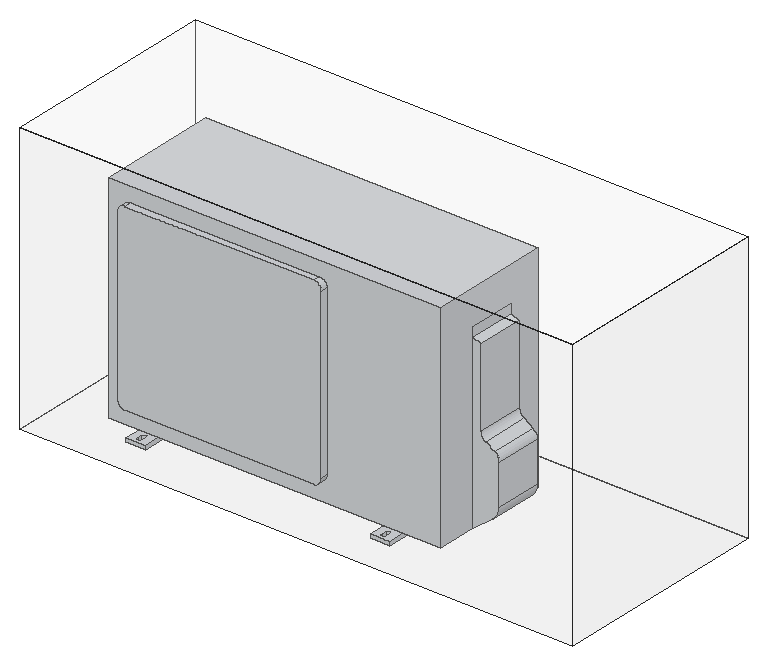
Revit family "mucz-g22_5626_50hz", category 機械設備, Revit 2023
Family settings
  丸型コネクタ寸法 = 直径を使用
  パーツ タイプ = 標準
  OmniClass 番号 = 23.75.10.24.21.27.27
  OmniClass タイトル = Split System Air Conditioning Units
  作業面ベース = いいえ
  常に垂直 = はい
  ロード時にボイドで切り取り = いいえ
  注釈の向きを維持 = いいえ
  共有 = いいえ
  部屋計算ポイント = いいえ
Parameters (values of type "MUCZ-G2226")
  風量 = MAX風量  # 1370.0 m³/h
  音響パワーレベル(dB) = if([運転音(強冷房)  db] > [運転音(強暖房)  db], [運転音(強冷房)  db], [運転音(強暖房)  db])  # 59
  電源種別 = ""
  電圧 = 100 V
  電動機出力_送風機 = 22 W
  電動機出力_圧縮機 = 600 W
  運転音(強暖房)  db = 59
  運転音(強冷房)  db = 59
  運転質量 = 0.00 kg
  運転方法 = "冷暖切替"
  質量 = if(製品質量 > 運転質量, 製品質量, 運転質量) * 1.2  # 22.80 kg
  負荷分類 = 1_熱源類
  説明 = "ルームエアコン(霧ヶ峰) GVシリーズ 室外ユニット"
  設計暖房能力 [instance] = 0 kW
  設計冷房能力_顕熱 [instance] = 0 kW
  設計冷房能力 [instance] = 0 kW
  設置方法 = "床置形"
  記号 [instance] = ""
  製造元 = "三菱電機株式会社"
  製品質量 = 19.00 kg
  製品出荷対象 = "国内"
  製品リリース年月 = "2026/02/13"
  製品グループ = ""
  系統 [instance] = ""
  符号 = "ACR"
  積算_科目 = "1 空気調和設備"
  積算_拾い区分 [instance] = ""
  相 = 1
  盤記号 [instance] = ""
  発停方法 = "付属リモコン"
  特殊仕様 [instance] = ""
  法定耐用年数 = "6"
  構成品番 = ""
  極数 = 3
  材質 = ""
  本体マテリアル = none
  最大電流値 = 0 A
  暖房能力 = 2.2 kW
  暖房 風量 = 1265.0 m³/h
  既定の高さ = 0 mm
  推奨ブレーカー容量 = 0 A
  形式 = "パッケージ形 室外機"
  形名 = MUCZ-G22* : MUCZ-G22*
  幹線記号 = ""
  始動方式 = "インバータ"
  呼称 = "パッケージ形空気調和機_室外機"
  周波数 = 50 Hz
  冷房 風量 = 1370.0 m³/h
  冷媒　位置Z = 128.5 mm
  冷媒　位置Y = 136 mm
  冷媒　位置X = 361.5 mm
  価格 = 0
  参照している仕様書等のバージョン = "公共建築物標準仕様書（機械設備工事編）平成31年度版"
  分類コード = "50053004206100"
  分類グループ = "設備"
  冷房能力 = 2.2 kW
  冷媒管径符号 = "Ab"
  冷媒管径 = 100.00 mm
  冷媒液管径 = 6.35 mm
  冷媒ガス管径 = 9.52 mm
  企業コード = "108420"
  付属品 = ""
  モデル = "MUCZ-G2226"
  ドレン穴径 = 42.00 mm
  ドレン　位置Z = 23.5 mm
  ドレン　位置Y = 44 mm
  ドレン　位置X = 0 mm
  サービススペース = yes
  コメント [instance] = ""
  ケーブル種類1 = ""
  【値が 0 の項目は組合せ形名にてご確認ください】 = ""
  Width = 679 mm
  Version = ""
  Uniclass2015Version = "Systems v1.9"
  Uniclass2015Title = "Split coil remote air cooled condensing units"
  Uniclass2015Code = "Pr_70_65_03_84"
  URL = "https://www.mitsubishielectric.co.jp/ldg/wink/ssl/displayProduct.do?pid=355237&ccd=1040101412"
  SpecificationReference = ""
  SpecificationDescription = ""
  Revision = ""
  ProductInformation = ""
  OmniClassCode = "23-33 17 13 11"
  MAX風量 = if(冷房 風量 > 暖房 風量, 冷房 風量, 暖房 風量)  # 1370.0 m³/h
  IfcTypeProduct = ""
  IfcProduct = ""
  IfcExportType = "AIRCONDITIONINGUNIT"
  IfcExportAs = "IfcUnitaryEquipmentType"
  Height = 453 mm
  Depth = 249 mm
  Clearance Top = 100 mm
  Clearance Right = 350 mm
  Clearance Left = 100 mm
  Clearance Front = 100 mm
  Clearance Bottom = 0 mm
  Clearance Back = 100 mm
  COP_暖房 = 4.68
  COP_冷房 = 3.36
  COP = (COP_冷房 + COP_暖房) / 2  # 4.02
  BLCJ仕様バージョン = "2.0"
  Author = "三菱電機株式会社"
  APF = 0
Types (19, lengths in mm): name | 風量 | 音響パワーレベル(dB) | 電圧 | 電動機出力_送風機 | 電動機出力_圧縮機 | 運転音(強暖房)  db | 運転音(強冷房)  db | 質量 | 製品質量 | 発停方法 | 暖房能力 | 暖房 風量 | 形式 | 形名 | 冷房 風量 | 冷媒　位置Z | 冷媒　位置Y | 冷媒　位置X | 冷房能力 | モデル | ドレン穴径 | ドレン　位置Z | ドレン　位置Y | Width | URL | MAX風量 | Height | Depth | Clearance Front | COP_暖房 | COP_冷房 | COP | BLCJ仕様バージョン
  (no name) | 1370.0 m³/h | 59 | 100 V | 22 W | 600 W | 59 | 59 | 22.80 kg | 19.00 kg | "付属リモコン" | 2.2 kW | 1265.0 m³/h | "パッケージ形 室外機" | MUCZ-G22* : MUCZ-G22* | 1370.0 m³/h | 128.5 | 136 | 361.5 | 2.2 kW | "MUCZ-G2226" | 42.00 | 23.5 | 44 | 679 | "https://www.mitsubishielectric.co.jp/ldg/wink/ssl/displayProduct.do?pid=355237&ccd=1040101412" | 1370.0 m³/h | 453 | 249 | 100 | 4.68 | 3.36 | 4.02 | "2.0"
  MUCZ-G2226 | 1370.0 m³/h | 59 | 100 V | 22 W | 600 W | 59 | 59 | 22.80 kg | 19.00 kg | "付属リモコン" | 2.2 kW | 1265.0 m³/h | "パッケージ形 室外機" | MUCZ-G22* : MUCZ-G22* | 1370.0 m³/h | 128.5 | 136 | 361.5 | 2.2 kW | "MUCZ-G2226" | 42.00 | 23.5 | 44 | 679 | "https://www.mitsubishielectric.co.jp/ldg/wink/ssl/displayProduct.do?pid=355237&ccd=1040101412" | 1370.0 m³/h | 453 | 249 | 100 | 4.68 | 3.36 | 4.02 | "2.0"
  MUCZ-G2526 | 1690.0 m³/h | 61 | 100 V | 22 W | 650 W | 60 | 61 | 22.80 kg | 19.00 kg | "付属リモコン" | 2.8 kW | 1490.0 m³/h | "パッケージ形 室外機" | MUCZ-G25_28* : MUCZ-G25_28* | 1690.0 m³/h | 128.5 | 136 | 361.5 | 2.5 kW | "MUCZ-G2526" | 42.00 | 23.5 | 44 | 679 | "https://www.mitsubishielectric.co.jp/ldg/wink/ssl/displayProduct.do?pid=355242&ccd=1040101412" | 1690.0 m³/h | 453 | 249 | 100 | 4.48 | 3.36 | 3.92 | "2.0"
  MUCZ-G2826 | 1710.0 m³/h | 65 | 100 V | 22 W | 750 W | 65 | 62 | 24.00 kg | 20.00 kg | "付属リモコン" | 3.6 kW | 1600.0 m³/h | "パッケージ形 室外機" | MUCZ-G25_28* : MUCZ-G25_28* | 1710.0 m³/h | 128.5 | 136 | 361.5 | 2.8 kW | "MUCZ-G2826" | 42.00 | 23.5 | 44 | 679 | "https://www.mitsubishielectric.co.jp/ldg/wink/ssl/displayProduct.do?pid=355247&ccd=1040101412" | 1710.0 m³/h | 453 | 249 | 100 | 3.96 | 3.5 | 3.73 | "2.0"
  MUCZ-G3626 | 2110.0 m³/h | 64 | 100 V | 22 W | 950 W | 64 | 61 | 27.60 kg | 23.00 kg | "付属リモコン" | 4.2 kW | 2015.0 m³/h | "パッケージ形 屋外機" | MUCZ-G36* : MUCZ-G36* | 2110.0 m³/h | 130.5 | 121 | 371.5 | 3.6 kW | "MUCZ-G3626" | 33.00 | 23.5 | 42 | 699 | "https://www.mitsubishielectric.co.jp/ldg/wink/ssl/displayProduct.do?pid=355252&ccd=1040101412" | 2110.0 m³/h | 538 | 249 | 100 | 3.46 | 2.54 | 3 | "2.0"
  MUCZ-G4026S | 2280.0 m³/h | 64 | 200 V | 50 W | 1100 W | 64 | 61 | 33.60 kg | 28.00 kg | "付属リモコン" | 5 kW | 2280.0 m³/h | "パッケージ形 室外機" | MUCZ-G40_56*S : MUCZ-G40_56*S | 2280.0 m³/h | 132.5 | 171 | 429 | 4 kW | "MUCZ-G4026S" | 42.00 | 45 | 44 | 800 | "https://www.mitsubishielectric.co.jp/ldg/wink/ssl/displayProduct.do?pid=355257&ccd=1040101412" | 2280.0 m³/h | 550 | 285 | 200 | 3.38 | 2.41 | 2.895 | "2.0"
  MUCZ-G5626S | 2135.0 m³/h | 68 | 200 V | 50 W | 1500 W | 68 | 65 | 40.80 kg | 34.00 kg | "付属リモコン" | 6.7 kW | 2135.0 m³/h | "パッケージ形 室外機" | MUCZ-G40_56*S : MUCZ-G40_56*S | 2040.0 m³/h | 132.5 | 171 | 429 | 5.6 kW | "MUCZ-G5626S" | 42.00 | 45 | 44 | 800 | "https://www.mitsubishielectric.co.jp/ldg/wink/ssl/displayProduct.do?pid=355262&ccd=1040101412" | 2135.0 m³/h | 550 | 285 | 200 | 3.38 | 2.35 | 2.865 | "2.0"
  MUCZ-G2226E | 1370.0 m³/h | 59 | 100 V | 22 W | 600 W | 59 | 59 | 22.80 kg | 19.00 kg | "付属リモコン" | 2.2 kW | 1265.0 m³/h | "パッケージ形 室外機" | MUCZ-G22* : MUCZ-G22* | 1370.0 m³/h | 128.5 | 136 | 361.5 | 2.2 kW | "MUCZ-G2226E" | 42.00 | 23.5 | 44 | 679 | "https://www.mitsubishielectric.co.jp/ldg/wink/ssl/displayProduct.do?pid=355266&ccd=1040101412" | 1370.0 m³/h | 453 | 249 | 100 | 4.68 | 3.36 | 4.02 | "2.0"
  MUCZ-G2226EE | 1370.0 m³/h | 59 | 100 V | 22 W | 600 W | 59 | 59 | 22.80 kg | 19.00 kg | "付属リモコン" | 2.2 kW | 1265.0 m³/h | "パッケージ形 室外機" | MUCZ-G22* : MUCZ-G22* | 1370.0 m³/h | 128.5 | 136 | 361.5 | 2.2 kW | "MUCZ-G2226EE" | 42.00 | 23.5 | 44 | 679 | "https://www.mitsubishielectric.co.jp/ldg/wink/ssl/displayProduct.do?pid=355284&ccd=1040101412" | 1370.0 m³/h | 453 | 249 | 100 | 4.68 | 3.36 | 4.02 | "2.0"
  MUCZ-G2526E | 1690.0 m³/h | 61 | 100 V | 22 W | 650 W | 60 | 61 | 22.80 kg | 19.00 kg | "付属リモコン" | 2.8 kW | 1490.0 m³/h | "パッケージ形 室外機" | MUCZ-G25_28* : MUCZ-G25_28* | 1690.0 m³/h | 128.5 | 136 | 361.5 | 2.5 kW | "MUCZ-G2526E" | 42.00 | 23.5 | 44 | 679 | "https://www.mitsubishielectric.co.jp/ldg/wink/ssl/displayProduct.do?pid=355269&ccd=1040101412" | 1690.0 m³/h | 453 | 249 | 100 | 4.48 | 3.36 | 3.92 | "Version1.0"
  MUCZ-G2526EE | 1690.0 m³/h | 61 | 100 V | 22 W | 650 W | 60 | 61 | 22.80 kg | 19.00 kg | "付属リモコン" | 2.8 kW | 1490.0 m³/h | "パッケージ形 室外機" | MUCZ-G25_28* : MUCZ-G25_28* | 1690.0 m³/h | 128.5 | 136 | 361.5 | 2.5 kW | "MUCZ-G2526EE" | 42.00 | 23.5 | 44 | 679 | "https://www.mitsubishielectric.co.jp/ldg/wink/ssl/displayProduct.do?pid=355287&ccd=1040101412" | 1690.0 m³/h | 453 | 249 | 100 | 4.48 | 3.36 | 3.92 | "2.0"
  MUCZ-G2826E | 1710.0 m³/h | 65 | 100 V | 22 W | 750 W | 65 | 62 | 24.00 kg | 20.00 kg | "付属リモコン" | 3.6 kW | 1600.0 m³/h | "パッケージ形 室外機" | MUCZ-G25_28* : MUCZ-G25_28* | 1710.0 m³/h | 128.5 | 136 | 361.5 | 2.8 kW | "MUCZ-G2826E" | 42.00 | 23.5 | 44 | 679 | "https://www.mitsubishielectric.co.jp/ldg/wink/ssl/displayProduct.do?pid=355272&ccd=1040101412" | 1710.0 m³/h | 453 | 249 | 100 | 3.96 | 3.5 | 3.73 | "2.0"
  MUCZ-G2826EE | 1710.0 m³/h | 65 | 100 V | 22 W | 750 W | 65 | 62 | 24.00 kg | 20.00 kg | "付属リモコン" | 3.6 kW | 1600.0 m³/h | "パッケージ形 室外機" | MUCZ-G25_28* : MUCZ-G25_28* | 1710.0 m³/h | 128.5 | 136 | 361.5 | 2.8 kW | "MUCZ-G2826EE" | 42.00 | 23.5 | 44 | 679 | "https://www.mitsubishielectric.co.jp/ldg/wink/ssl/displayProduct.do?pid=355290&ccd=1040101412" | 1710.0 m³/h | 453 | 249 | 100 | 3.96 | 3.5 | 3.73 | "Version1.0"
  MUCZ-G3626E | 2110.0 m³/h | 64 | 100 V | 22 W | 950 W | 64 | 61 | 27.60 kg | 23.00 kg | "付属リモコン" | 4.2 kW | 2015.0 m³/h | "パッケージ形 室外機" | MUCZ-G36* : MUCZ-G36* | 2110.0 m³/h | 130.5 | 121 | 371.5 | 3.6 kW | "MUCZ-G3626E" | 33.00 | 23.5 | 42 | 699 | "https://www.mitsubishielectric.co.jp/ldg/wink/ssl/displayProduct.do?pid=355275&ccd=1040101412" | 2110.0 m³/h | 538 | 249 | 100 | 3.46 | 2.54 | 3 | "2.0"
  MUCZ-G3626EE | 2110.0 m³/h | 64 | 100 V | 22 W | 950 W | 64 | 61 | 27.60 kg | 23.00 kg | "付属リモコン" | 4.2 kW | 2015.0 m³/h | "パッケージ形 室外機" | MUCZ-G36* : MUCZ-G36* | 2110.0 m³/h | 130.5 | 121 | 371.5 | 3.6 kW | "MUCZ-G3626EE" | 33.00 | 23.5 | 42 | 699 | "https://www.mitsubishielectric.co.jp/ldg/wink/ssl/displayProduct.do?pid=355293&ccd=1040101412" | 2110.0 m³/h | 538 | 249 | 100 | 3.46 | 2.54 | 3 | "2.0"
  MUCZ-G4026SE | 2280.0 m³/h | 64 | 200 V | 50 W | 1100 W | 64 | 61 | 33.60 kg | 28.00 kg | "付属リモコン" | 5 kW | 2280.0 m³/h | "パッケージ形 室外機" | MUCZ-G40_56*S : MUCZ-G40_56*S | 2280.0 m³/h | 132.5 | 171 | 429 | 4 kW | "MUCZ-G4026SE" | 42.00 | 45 | 44 | 800 | "https://www.mitsubishielectric.co.jp/ldg/wink/ssl/displayProduct.do?pid=355278&ccd=1040101412" | 2280.0 m³/h | 550 | 285 | 200 | 3.38 | 2.41 | 2.895 | "2.0"
  MUCZ-G4026SEE | 2280.0 m³/h | 64 | 200 V | 50 W | 1100 W | 64 | 61 | 33.60 kg | 28.00 kg | "別売リモコン" | 5 kW | 2280.0 m³/h | "パッケージ形 室外機" | MUCZ-G40_56*S : MUCZ-G40_56*S | 2280.0 m³/h | 132.5 | 171 | 429 | 4 kW | "MUCZ-G4026SEE" | 42.00 | 45 | 44 | 800 | "https://www.mitsubishielectric.co.jp/ldg/wink/ssl/displayProduct.do?pid=355296&ccd=1040101412" | 2280.0 m³/h | 550 | 285 | 200 | 3.38 | 2.41 | 2.895 | "2.0"
  MUCZ-G5626SE | 2135.0 m³/h | 68 | 200 V | 50 W | 1500 W | 68 | 65 | 40.80 kg | 34.00 kg | "付属リモコン" | 6.7 kW | 2135.0 m³/h | "パッケージ形 室外機" | MUCZ-G40_56*S : MUCZ-G40_56*S | 2040.0 m³/h | 132.5 | 171 | 429 | 5.6 kW | "MUCZ-G5626SE" | 42.00 | 45 | 44 | 800 | "https://www.mitsubishielectric.co.jp/ldg/wink/ssl/displayProduct.do?pid=355281&ccd=1040101412" | 2135.0 m³/h | 550 | 285 | 200 | 3.38 | 2.35 | 2.865 | "2.0"
  MUCZ-G5626SEE | 2135.0 m³/h | 68 | 200 V | 50 W | 1500 W | 68 | 65 | 40.80 kg | 34.00 kg | "付属リモコン" | 6.7 kW | 2135.0 m³/h | "パッケージ形 室外機" | MUCZ-G40_56*S : MUCZ-G40_56*S | 2040.0 m³/h | 132.5 | 171 | 429 | 5.6 kW | "MUCZ-G5626SEE" | 42.00 | 45 | 44 | 800 | "https://www.mitsubishielectric.co.jp/ldg/wink/ssl/displayProduct.do?pid=355299&ccd=1040101412" | 2135.0 m³/h | 550 | 285 | 200 | 3.38 | 2.35 | 2.865 | "2.0"
Reference planes
  plane 1 "中心(正面/背面)": y = 74
  plane 2: z = 0
  plane 3 "中心(左/右)": x = 830
  plane 4 "右": x = 1169.5
  plane 5 "左": x = 490.5
  plane 6 "背面": y = 198.5
  plane 7 "正面": y = -50.5
  plane 8 "上部": z = 453
  plane 9 "Clearanse Top": z = 553
  plane 10 "SS_back": y = 298.5
  plane 11 "SS_front": y = -150.5
  plane 12 "SS_left": x = 390.5
  plane 13 "SS_right": x = 1519.5
  plane 14: z = 0
  plane 15: z = 23.5
  plane 16: z = 24.5
  plane 17: y = 154.5
  plane 18: y = 62.5
  plane 19: z = 128.5
  plane 20: x = 1191.5
  plane 21: z = 50
  plane 22: x = 1168.5
  plane 23: x = 1167.5
  plane 24: y = 63.5
Forms (mm)
  Extrusion 1, solid, material <- "本体マテリアル", detail levels fine
    sketch origin (-1437.329, -1524, 54) x (-1, 0, 0) y (0, -1, 0)
      loop
        circle (-2267.329, -1678.5) r 21
    from -30.5 to -29.5
  Extrusion 2, solid, material <- "本体マテリアル", detail levels fine
    sketch origin (1169.5, 0, 0) x (0, 1, 0) y (0, 0, 1)
      loop
        circle (154.5, 50) r 10
    from -1 to -2
  Extrusion 3, solid, material <- "本体マテリアル", detail levels fine
    sketch origin (0, -50.5, 0) x (1, 0, 0) y (0, 0, 1)
      loop
        circle (1191.5, 128.5) r 25
    from -114 to -113
Dimensions and locks
  equal spacing: plane 7 "正面", plane 1 "中心(正面/背面)", plane 6 "背面"
  "Depth": plane 7 "正面" to plane 6 "背面"
  "Width": plane 5 "左" to plane 4 "右"
  equal spacing: plane 5 "左", plane 3 "中心(左/右)", plane 4 "右"
  "Clearance Left": plane 12 "SS_left" to plane 5 "左"
  "Clearance Right": plane 4 "右" to plane 13 "SS_right"
  "Clearance Back": plane 6 "背面" to plane 10 "SS_back"
  "Clearance Front": plane 11 "SS_front" to plane 7 "正面"
  "Height": plane 8 "上部" to level
  "Clearance Top": plane 9 "Clearanse Top" to plane 8 "上部"
  "Clearance Bottom": level to plane 14
  "ドレン　位置Z": plane 15 to level
  locked: plane 16 to plane 15 at 1
  "冷媒　位置Z": plane 19 to level
  "冷媒　位置X": plane 3 "中心(左/右)" to plane 20
  locked: plane 22 to plane 4 "右" at 1
  plane 21 to level = 50 mm
  locked: plane 23 to plane 22 at 1
  "冷媒　位置Y": plane 18 to plane 6 "背面"
  "ドレン　位置Y": plane 17 to plane 6 "背面"
  locked: plane 18 to plane 24 at 1
  "ドレン穴径": diameter of Extrusion 1 sketch curve
  diameter of Extrusion 3 sketch curve = 50 mm
  aligned and locked: level to plane 2
  aligned and locked: plane 10 "SS_back" to nested 1  (x2)
  aligned and locked: plane 13 "SS_right" to nested 1
  aligned and locked: plane 12 "SS_left" to nested 1  (x2)
  aligned and locked: nested 1 to plane 13 "SS_right"
  aligned and locked: plane 11 "SS_front" to nested 1
  aligned and locked: plane 9 "Clearanse Top" to nested 1
  aligned and locked: plane 1 "中心(正面/背面)" to nested 2
  aligned and locked: plane 3 "中心(左/右)" to nested 2
  aligned and locked: plane 14 to nested 1
  aligned and locked: Extrusion 1 to plane 15
  aligned and locked: plane 16 to Extrusion 1
  aligned and locked: plane 17 to Extrusion 1 sketch curve
  aligned and locked: plane 3 "中心(左/右)" to Extrusion 1 sketch curve
  aligned and locked: plane 21 to Extrusion 2 sketch curve
  aligned and locked: plane 17 to Extrusion 2 sketch curve
  aligned and locked: Extrusion 2 to plane 22
  aligned and locked: Extrusion 2 to plane 23
  aligned and locked: plane 19 to Extrusion 3 sketch curve
  aligned and locked: plane 20 to Extrusion 3 sketch curve
  aligned and locked: plane 18 to Extrusion 3
  aligned and locked: Extrusion 3 to plane 24
Automatic sketch dimensions
  radius of Extrusion 2 sketch curve = 10 mm
Nested families
  nested 1: "サービススペース_MUCZ-G25-5623" at (955, 74, 276.5), visible <- "サービススペース", type "サービススペース_MUCZ-G25-5623"
    with Width 1129 mm, Height 553 mm, Depth 449 mm
  nested 2: "MUCZ-G22*" at (830, 74, 0), type <- "形名", マテリアル <- "本体マテリアル", type "MUCZ-G22*"
    with 表示 yes, マテリアル none, ボルトピッチ Y 260 mm, ボルトピッチ X 500 mm, W 679 mm, H 453 mm, D 249 mm
Connectors
  electrical at (1168.5, 154.5, 50), driven by "極数", driven by "負荷分類", driven by "電圧"
    settings: on Extrusion 2, index 1, voltage 100 V, apparent load 655 VA, apparent load phase1 655 VA, apparent load phase2 0 VA, apparent load phase3 0 VA, power factor 1, load classification "1_熱源類", number of poles 3, system type 30, power factor state 1, is connector primary yes, connector utility no, sub classification motor no, connector description ""
  piping at (830, 154.5, 23.5), diameter 42, driven by "ドレン穴径"
    settings: on Extrusion 1, index 3, connector inside diameter 609.60 mm, connector length 0 mm, flow factor 0, pipe flow 0.0 L/s, pressure drop 0.0 Pa, fitting loss kfactor 0, connector angle 0.00°, fixture units 0, engagement length 0 mm, angle of deflection 0.00°, flow configuration 1, flow direction 2, fitting loss method 4, system type 16, joint type 0, gender type 0, connector reference index -1, connector utility 0, adjustable connector no, is connector primary yes, connector description ""
  piping at (1191.5, 63.5, 128.5), diameter 100, driven by "冷媒管径", driven by "冷媒管径符号"
    settings: on Extrusion 3, index 4, connector inside diameter 609.60 mm, connector length 0 mm, flow factor 0, pipe flow 0.0 L/s, pressure drop 0.0 Pa, fitting loss kfactor 0, connector angle 0.00°, fixture units 0, engagement length 0 mm, angle of deflection 0.00°, flow configuration 1, flow direction 2, fitting loss method 4, system type 7, joint type 0, gender type 0, connector reference index -1, connector utility 0, adjustable connector no, is connector primary no, connector description "Ab"
Definition of nested family "サービススペース_MUCZ-G25-5623"
  Parameters (values of type "サービススペース")
    Default Elevation = 0 mm
    Width [instance] = 500 mm
    Height [instance] = 500 mm
    Depth [instance] = 500 mm
  Reference planes
    plane 1 "中心(正面/背面)": y = 0
    plane 2: z = 0
    plane 3 "中心(左/右)": x = 0
    plane 4: y = -250
    plane 5: x = 250
    plane 6: y = 250
    plane 7: x = -250
    plane 8: z = 250
    plane 9: z = -250
  Forms (mm)
    Extrusion 1, solid
      sketch origin (-638.939, 0, 72.39) x (1, 0, 0) y (0, 1, 0)
        loop
          line (388.939, 250) -> (388.939, -250) -> (888.939, -250) -> (888.939, 250) -> (388.939, 250)
      from -322.39 to 177.61
  Lines and regions (mm)
    symbolic lines
      curve 1: line (-250, 0, 250) -> (250, 0, 250)
      curve 2: line (-250, 0, -250) -> (-250, 0, 250)
      curve 3: line (250, 0, -250) -> (-250, 0, -250)
      curve 4: line (250, 0, 250) -> (250, 0, -250)
      curve 5: line (0, -250, 250) -> (0, 250, 250)
      curve 6: line (0, -250, -250) -> (0, -250, 250)
      curve 7: line (0, 250, -250) -> (0, -250, -250)
      curve 8: line (0, 250, 250) -> (0, 250, -250)
      curve 9: line (-250, 250, 0) -> (250, 250, 0)
      curve 10: line (-250, -250, 0) -> (-250, 250, 0)
      curve 11: line (250, -250, 0) -> (-250, -250, 0)
      curve 12: line (250, 250, 0) -> (250, -250, 0)
  Dimensions and locks
    equal spacing: plane 7, plane 3 "中心(左/右)", plane 5
    equal spacing: plane 4, plane 1 "中心(正面/背面)", plane 6
    "Depth": plane 4 to plane 6
    "Width": plane 7 to plane 5
    equal spacing: plane 8, plane 2, plane 9
    "Height": plane 8 to plane 9
    aligned and locked: plane 9 to curve 3
    aligned and locked: plane 7 to curve 2
    aligned and locked: curve 4 to plane 5
    aligned and locked: plane 5 to Extrusion 1
    aligned and locked: Extrusion 1 to plane 7
    aligned and locked: Extrusion 1 to plane 9
    aligned and locked: plane 8 to Extrusion 1
    aligned and locked: plane 9 to curve 7
  Automatic sketch dimensions
    plane 4 to Extrusion 1 sketch curve = 0 mm
    Extrusion 1 sketch curve to plane 7 = 0 mm
    Extrusion 1 sketch curve to plane 5 = 0 mm
    plane 6 to Extrusion 1 sketch curve = 0 mm
    curve 2 to plane 8 = 0 mm
    plane 4 to curve 11 = 0 mm
    curve 11 to plane 7 = 0 mm
    curve 11 to plane 5 = 0 mm
    plane 6 to curve 10 = 0 mm
    curve 7 to plane 4 = 0 mm
    curve 7 to plane 6 = 0 mm
    curve 6 to plane 8 = 0 mm
Definition of nested family "MUCZ-G22*"
  Parameters (values of type "MUCZ-G22*")
    Default Elevation = 0 mm
    ボルトピッチ Y [instance] = 260 mm  # constant formula
    ボルトピッチ X [instance] = 500 mm  # constant formula
    H [instance] = 453 mm  # constant formula
    D [instance] = 249 mm  # constant formula
    マテリアル [instance] = none
    表示 [instance] = yes
    W [instance] = 679 mm  # constant formula
  Reference planes
    plane 1 "中心(正面/背面)": y = 0
    plane 2: z = 0
    plane 3 "中心(左/右)": x = 0
    plane 4: z = 453
    plane 5: x = -339.5
    plane 6: x = 339.5
    plane 7: y = 124.5
    plane 8: y = -124.5
    plane 9: x = 361.5
    plane 10: x = -263.5
    plane 11: y = 135.5
    plane 12: y = -149.5
    plane 13: y = -134.5
  Forms (mm)
    Extrusion 1, solid, material <- "マテリアル", visible <- "表示", detail levels fine
      sketch origin (-1437.329, -1524, 453) x (-1, 0, 0) y (0, -1, 0)
        loop
          line (-1153.829, -1635) -> (-1153.829, -1409.5) -> (-1193.829, -1409.5) -> (-1193.829, -1635) -> (-1153.829, -1635)
        loop
          line (-1653.829, -1635) -> (-1653.829, -1409.5) -> (-1693.829, -1409.5) -> (-1693.829, -1635) -> (-1653.829, -1635)
      from -453 to -439.5
    Extrusion 2, solid, material <- "マテリアル", visible <- "表示", detail levels fine
      sketch origin (-1437.329, -1524, 453) x (-1, 0, 0) y (0, -1, 0)
        loop
          line (-1776.829, -1628.5) -> (-1097.829, -1628.5) -> (-1097.829, -1399.5) -> (-1776.829, -1399.5) -> (-1776.829, -1628.5)
      from -429.5 to 0
    Blend 3, solid, material <- "マテリアル", visible <- "表示", detail levels fine
      base sketch origin (0, 0, 0) x (0, 1, 0) y (0, 0, 1)
        loop
          line (21.3, 444.8) -> (-68.7, 444.8) -> (-68.7, 438) -> (21.3, 438) -> (21.3, 444.8)
      top sketch origin (0, 0, 0) x (0, 1, 0) y (0, 0, 1)
        loop
          line (8.8, 440) -> (-56.2, 440) -> (-56.2, 438) -> (8.8, 438) -> (8.8, 440)
      from -339.5 to -352.5
    Extrusion 4, solid, material <- "マテリアル", visible <- "表示", detail levels fine
      sketch origin (0, 0, 0) x (1, 0, 0) y (0, 0, 1)
        loop
          line (339.5, 383.5) -> (339.5, 13.5) -> (382.554, 45.944)
          arc (382.554, 45.944) -> (391.348, 56.517) -> (394.5, 69.903) r 30
          line (394.5, 69.903) -> (394.5, 152.957)
          arc (394.5, 152.957) -> (392.192, 162.284) -> (385.802, 169.458) r 20
          line (385.802, 169.458) -> (366.698, 182.542)
          arc (366.698, 182.542) -> (360.308, 189.716) -> (358, 199.043) r 20
          line (358, 199.043) -> (358, 357.5) -> (341, 365.1) -> (341, 383.5) -> (339.5, 383.5)
      from -53.5 to 43.5
    Extrusion 5, solid, material <- "マテリアル", visible <- "表示", detail levels fine
      sketch origin (-1437.329, -1524, 453) x (-1, 0, 0) y (0, -1, 0)
        loop
          line (-1153.829, -1659.5) -> (-1153.829, -1635) -> (-1193.829, -1635) -> (-1193.829, -1659.5) -> (-1178.829, -1659.5) -> (-1178.829, -1642.5)
          arc (-1178.829, -1642.5) -> (-1173.829, -1637.5) -> (-1168.829, -1642.5) r 5
          line (-1168.829, -1642.5) -> (-1168.829, -1659.5) -> (-1153.829, -1659.5)
        loop
          line (-1653.829, -1659.5) -> (-1653.829, -1635) -> (-1693.829, -1635) -> (-1693.829, -1659.5) -> (-1678.829, -1659.5) -> (-1678.829, -1642.5)
          arc (-1678.829, -1642.5) -> (-1673.829, -1637.5) -> (-1668.829, -1642.5) r 5
          line (-1668.829, -1642.5) -> (-1668.829, -1659.5) -> (-1653.829, -1659.5)
        loop
          line (-1653.829, -1409.5) -> (-1653.829, -1374.5) -> (-1693.829, -1374.5) -> (-1693.829, -1409.5) -> (-1653.829, -1409.5)
        loop
          line (-1153.829, -1409.5) -> (-1153.829, -1374.5) -> (-1193.829, -1374.5) -> (-1193.829, -1409.5) -> (-1153.829, -1409.5)
        loop
          arc (-1678.829, -1393.5) -> (-1673.829, -1398.5) -> (-1668.829, -1393.5) r 5
          line (-1668.829, -1393.5) -> (-1668.829, -1384.5)
          arc (-1668.829, -1384.5) -> (-1673.829, -1379.5) -> (-1678.829, -1384.5) r 5
          line (-1678.829, -1384.5) -> (-1678.829, -1393.5)
        loop
          line (-1168.829, -1394.915) -> (-1168.829, -1385.906)
          arc (-1168.829, -1385.906) -> (-1173.879, -1380.856) -> (-1178.928, -1385.906) r 5.05
          line (-1178.928, -1385.906) -> (-1178.928, -1394.915)
          arc (-1178.928, -1394.915) -> (-1173.879, -1399.965) -> (-1168.829, -1394.915) r 5.05
      from -446 to -453
    Extrusion 6, solid, material <- "マテリアル", visible <- "表示", detail levels fine
      sketch origin (1480.036, -173.2, 1200) x (1, 0, 0) y (0, 0, 1)
        loop
          line (-1788.036, -791.7) -> (-1788.036, -1134.7)
          arc (-1788.036, -1134.7) -> (-1783.643, -1145.307) -> (-1773.036, -1149.7) r 15
          line (-1773.036, -1149.7) -> (-1388.036, -1149.7)
          arc (-1388.036, -1149.7) -> (-1377.43, -1145.307) -> (-1373.036, -1134.7) r 15
          line (-1373.036, -1134.7) -> (-1373.036, -791.7)
          arc (-1373.036, -791.7) -> (-1377.43, -781.093) -> (-1388.036, -776.7) r 15
          line (-1388.036, -776.7) -> (-1773.036, -776.7)
          arc (-1773.036, -776.7) -> (-1783.643, -781.093) -> (-1788.036, -791.7) r 15
      from -48.7 to -33.7
    Sweep 7, solid, visible <- "表示", detail levels fine
      path in 3D
        loop
          line (361.5, -11.5, 156) -> (361.5, 7.568, 172)
      profile origin (361.5, -1.966, 164) x (0, -0.642788, 0.766044) y (1, 0, 0)
        loop
          circle (0, 0) r 6.35
    Sweep 8, solid, visible <- "表示", detail levels fine
      path in 3D
        loop
          line (361.5, -11.5, 101) -> (361.5, 6.73, 118)
      profile origin (361.5, -2.385, 109.5) x (0, -0.681998, 0.731354) y (1, 0, 0)
        loop
          circle (0, 0) r 9.52
    Extrusion 9, solid, material <- "マテリアル", visible <- "表示", detail levels fine
      sketch origin (1480.036, -173.2, 1200) x (1, 0, 0) y (0, 0, 1)
        loop
          line (-1819.536, -747) -> (-1819.536, -1186.5) -> (-1140.536, -1186.5) -> (-1140.536, -747) -> (-1819.536, -747)
        loop
          line (-1255.536, -771) -> (-1779.536, -771) -> (-1779.536, -1154) -> (-1255.536, -1154) -> (-1255.536, -771)
      from -297.7 to -277.7
    Extrusion 10, solid, material <- "マテリアル", visible <- "表示", detail levels fine
      sketch origin (0, 0, 0) x (1, 0, 0) y (0, 1, 0)
        loop
          line (-339.5, 104.5) -> (-339.5, -124.5) -> (339.5, -124.5) -> (339.5, 104.5) -> (-339.5, 104.5)
        loop
          circle (0, 80.5) r 21
      from 13.5 to 23.5
  Cuts and joins
    joined: Extrusion 1, Extrusion 5
    joined: Extrusion 2, Extrusion 9, Extrusion 10
  Lines and regions (mm)
    Masking region 1, visible <- "表示", detail levels coarse+medium
      outline origin (-1437.329, -1524, 453) x (-1, 0, 0) y (0, -1, 0)
        loop
          line (-1776.829, -1399.5) -> (-1776.829, -1648.5) -> (-1097.829, -1648.5) -> (-1097.829, -1399.5) -> (-1776.829, -1399.5)
    model lines, visible <- "表示", detail levels fine
      curve 1: line (-319, -98.5, 453) -> (319, -98.5, 453)
      curve 2: line (-319, -83.5, 453) -> (319, -83.5, 453)
      curve 3: line (-319, -83.5, 453) -> (-319, -98.5, 453)
      curve 4: line (319, -98.5, 453) -> (319, -83.5, 453)
      curve 5: line (-319, -65.5, 453) -> (319, -65.5, 453)
      curve 6: line (-319, -50.5, 453) -> (319, -50.5, 453)
      curve 7: line (-319, -50.5, 453) -> (-319, -65.5, 453)
      curve 8: line (319, -65.5, 453) -> (319, -50.5, 453)
      curve 9: line (-319, -32.5, 453) -> (319, -32.5, 453)
      curve 10: line (-319, -17.5, 453) -> (319, -17.5, 453)
      curve 11: line (-319, -17.5, 453) -> (-319, -32.5, 453)
      curve 12: line (319, -32.5, 453) -> (319, -17.5, 453)
      curve 13: line (-319, 0.5, 453) -> (319, 0.5, 453)
      curve 14: line (-319, 15.5, 453) -> (319, 15.5, 453)
      curve 15: line (-319, 15.5, 453) -> (-319, 0.5, 453)
      curve 16: line (319, 0.5, 453) -> (319, 15.5, 453)
      curve 17: line (-319, 69, 453) -> (319, 69, 453)
      curve 18: line (-319, 84, 453) -> (319, 84, 453)
      curve 19: line (-319, 84, 453) -> (-319, 69, 453)
      curve 20: line (319, 69, 453) -> (319, 84, 453)
      curve 21: line (-308, -139.5, 78.3) -> (107, -139.5, 78.3)
      curve 22: line (-308, -139.5, 176.3) -> (107, -139.5, 176.3)
      curve 23: line (107, -139.5, 395.3) -> (-308, -139.5, 395.3)
      curve 24: line (107, -139.5, 372.3) -> (-308, -139.5, 372.3)
      curve 25: line (107, -139.5, 274.3) -> (-308, -139.5, 274.3)
      curve 26: line (-100.5, -139.5, 423.3) -> (-100.5, -139.5, 50.3)
      curve 27: circle (-100.5, -139.5, 236.8) r 186 normal (0, -1, 0)
      curve 28: arc (-213, -139.5, 423.529) -> (-271.36, -139.5, 372.191) -> (-308, -139.5, 303.641) r 218
      curve 29: arc (-308, -139.5, 169.959) -> (-271.36, -139.5, 101.409) -> (-213, -139.5, 50.071) r 218
      curve 30: arc (12, -139.5, 50.071) -> (70.36, -139.5, 101.409) -> (107, -139.5, 169.959) r 218
      curve 31: arc (107, -139.5, 303.641) -> (70.36, -139.5, 372.191) -> (12, -139.5, 423.529) r 218
      curve 32: line (-108, -139.5, 50.3) -> (-108, -139.5, 423.3)
      curve 33: line (-115.5, -139.5, 50.3) -> (-115.5, -139.5, 423.3)
      curve 34: line (-123, -139.5, 50.3) -> (-123, -139.5, 423.3)
      curve 35: line (-130.5, -139.5, 50.3) -> (-130.5, -139.5, 423.3)
      curve 36: line (-138, -139.5, 50.3) -> (-138, -139.5, 423.3)
      curve 37: line (-145.5, -139.5, 50.3) -> (-145.5, -139.5, 423.3)
      curve 38: line (-153, -139.5, 50.3) -> (-153, -139.5, 423.3)
      curve 39: line (-160.5, -139.5, 50.3) -> (-160.5, -139.5, 423.3)
      curve 40: line (-168, -139.5, 50.3) -> (-168, -139.5, 423.3)
      curve 41: line (-175.5, -139.5, 50.3) -> (-175.5, -139.5, 423.3)
      curve 42: line (-183, -139.5, 50.3) -> (-183, -139.5, 423.3)
      curve 43: line (-190.5, -139.5, 50.3) -> (-190.5, -139.5, 423.3)
      curve 44: line (-198, -139.5, 50.3) -> (-198, -139.5, 423.3)
      curve 45: line (-205.5, -139.5, 50.3) -> (-205.5, -139.5, 423.3)
      curve 46: line (-213, -139.5, 50.071) -> (-213, -139.5, 423.529)
      curve 47: line (-220.5, -139.5, 50.071) -> (-220.5, -139.5, 423.529)
      curve 48: line (-228, -139.5, 50.071) -> (-228, -139.5, 423.529)
      curve 49: line (-235.5, -139.5, 50.071) -> (-235.5, -139.5, 423.529)
      curve 50: line (-243, -139.5, 50.071) -> (-243, -139.5, 423.529)
      curve 51: line (-250.5, -139.5, 50.071) -> (-250.5, -139.5, 423.529)
      curve 52: line (-258, -139.5, 50.071) -> (-258, -139.5, 423.529)
      curve 53: line (-265.5, -139.5, 50.071) -> (-265.5, -139.5, 423.529)
      curve 54: line (-273, -139.5, 50.071) -> (-273, -139.5, 423.529)
      curve 55: line (-280.5, -139.5, 50.071) -> (-280.5, -139.5, 423.529)
      curve 56: line (-288, -139.5, 50.071) -> (-288, -139.5, 423.529)
      curve 57: line (-295.5, -139.5, 78.3) -> (-295.5, -139.5, 395.3)
      curve 58: line (-303, -139.5, 78.3) -> (-303, -139.5, 395.3)
      curve 59: line (-93, -139.5, 50.3) -> (-93, -139.5, 423.3)
      curve 60: line (-85.5, -139.5, 50.3) -> (-85.5, -139.5, 423.3)
      curve 61: line (-78, -139.5, 50.3) -> (-78, -139.5, 423.3)
      curve 62: line (-70.5, -139.5, 50.3) -> (-70.5, -139.5, 423.3)
      curve 63: line (-63, -139.5, 50.3) -> (-63, -139.5, 423.3)
      curve 64: line (-55.5, -139.5, 50.3) -> (-55.5, -139.5, 423.3)
      curve 65: line (-48, -139.5, 50.3) -> (-48, -139.5, 423.3)
      curve 66: line (-40.5, -139.5, 50.3) -> (-40.5, -139.5, 423.3)
      curve 67: line (-33, -139.5, 50.3) -> (-33, -139.5, 423.3)
      curve 68: line (-25.5, -139.5, 50.3) -> (-25.5, -139.5, 423.3)
      curve 69: line (-18, -139.5, 50.3) -> (-18, -139.5, 423.3)
      curve 70: line (-10.5, -139.5, 50.3) -> (-10.5, -139.5, 423.3)
      curve 71: line (-3, -139.5, 50.3) -> (-3, -139.5, 423.3)
      curve 72: line (4.5, -139.5, 50.3) -> (4.5, -139.5, 423.3)
      curve 73: line (12, -139.5, 50.071) -> (12, -139.5, 423.529)
      curve 74: line (19.5, -139.5, 50.071) -> (19.5, -139.5, 423.529)
      curve 75: line (27, -139.5, 50.071) -> (27, -139.5, 423.529)
      curve 76: line (34.5, -139.5, 50.071) -> (34.5, -139.5, 423.529)
      curve 77: line (42, -139.5, 50.071) -> (42, -139.5, 423.529)
      curve 78: line (49.5, -139.5, 50.071) -> (49.5, -139.5, 423.529)
      curve 79: line (57, -139.5, 50.071) -> (57, -139.5, 423.529)
      curve 80: line (64.5, -139.5, 50.071) -> (64.5, -139.5, 423.529)
      curve 81: line (72, -139.5, 50.071) -> (72, -139.5, 423.529)
      curve 82: line (79.5, -139.5, 50.071) -> (79.5, -139.5, 423.529)
      curve 83: line (87, -139.5, 50.071) -> (87, -139.5, 423.529)
      curve 84: line (94.5, -139.5, 78.3) -> (94.5, -139.5, 395.3)
      curve 85: line (102, -139.5, 78.3) -> (102, -139.5, 395.3)
      curve 86: line (277.5, -124.5, 100.3) -> (277.5, -124.5, 299.7)
      curve 87: line (282.5, -124.5, 299.7) -> (282.5, -124.5, 100.3)
      curve 88: line (277.5, -124.5, 100.3) -> (282.5, -124.5, 100.3)
      curve 89: line (282.5, -124.5, 299.7) -> (277.5, -124.5, 299.7)
      curve 90: line (247.5, -124.5, 100.3) -> (247.5, -124.5, 299.7)
      curve 91: line (252.5, -124.5, 299.7) -> (252.5, -124.5, 100.3)
      curve 92: line (247.5, -124.5, 100.3) -> (252.5, -124.5, 100.3)
      curve 93: line (252.5, -124.5, 299.7) -> (247.5, -124.5, 299.7)
      curve 94: line (217.5, -124.5, 100.3) -> (217.5, -124.5, 299.7)
      curve 95: line (222.5, -124.5, 299.7) -> (222.5, -124.5, 100.3)
      curve 96: line (217.5, -124.5, 100.3) -> (222.5, -124.5, 100.3)
      curve 97: line (222.5, -124.5, 299.7) -> (217.5, -124.5, 299.7)
      curve 98: line (187.5, -124.5, 100.3) -> (187.5, -124.5, 299.7)
      curve 99: line (192.5, -124.5, 299.7) -> (192.5, -124.5, 100.3)
      curve 100: line (187.5, -124.5, 100.3) -> (192.5, -124.5, 100.3)
      curve 101: line (192.5, -124.5, 299.7) -> (187.5, -124.5, 299.7)
      curve 102: line (157.5, -124.5, 100.3) -> (157.5, -124.5, 299.7)
      curve 103: line (162.5, -124.5, 299.7) -> (162.5, -124.5, 100.3)
      curve 104: line (157.5, -124.5, 100.3) -> (162.5, -124.5, 100.3)
      curve 105: line (162.5, -124.5, 299.7) -> (157.5, -124.5, 299.7)
      curve 106: line (-339.5, -100.5, 397.224) -> (-339.5, -100.5, 45.089)
      curve 107: line (-339.5, -85.5, 397.224) -> (-339.5, -85.5, 45.089)
      curve 108: line (-339.5, 27.3, 400) -> (-339.5, 27.3, 54.3)
      curve 109: line (-339.5, 37.3, 400) -> (-339.5, 37.3, 54.3)
      curve 110: arc (-339.5, -100.5, 45.089) -> (-339.5, -93, 37.589) -> (-339.5, -85.5, 45.089) r 7.5
      curve 111: arc (-339.5, 27.3, 54.3) -> (-339.5, 32.3, 49.3) -> (-339.5, 37.3, 54.3) r 5
      curve 112: arc (-339.5, -85.5, 397.224) -> (-339.5, -93, 404.724) -> (-339.5, -100.5, 397.224) r 7.5
      curve 113: arc (-339.5, 37.3, 400) -> (-339.5, 32.3, 405) -> (-339.5, 27.3, 400) r 5
    sketch lines
      curve 114: line (361.5, -11.5, 156) -> (361.5, 7.568, 172)
      curve 115: line (361.5, -11.5, 101) -> (361.5, 6.73, 118)
    symbolic lines
      curve 116: line (-339.5, 124.5, 0) -> (339.5, 124.5, 0)
      curve 117: line (-339.5, -124.5, 0) -> (-339.5, 124.5, 0)
      curve 118: line (339.5, -124.5, 0) -> (-339.5, -124.5, 0)
      curve 119: line (339.5, 124.5, 0) -> (339.5, -124.5, 0)
  Dimensions and locks
    equal spacing: plane 8, plane 1 "中心(正面/背面)", plane 7
    "D": plane 8 to plane 7
    equal spacing: plane 5, plane 3 "中心(左/右)", plane 6
    "W": plane 5 to plane 6
    "H": plane 4 to level
    plane 7 to plane 1 "中心(正面/背面)" to plane 8 = 124.5 mm, 124.5 mm
    locked: plane 12 to plane 13 at 15
    locked: plane 12 to plane 11 at 285
    locked: plane 5 to plane 10 at 76
    aligned and locked: level to plane 2
    aligned and locked: Extrusion 1 to level
    aligned and locked: Extrusion 2 sketch curve to plane 8
    aligned and locked: Extrusion 2 sketch curve to plane 5
    aligned and locked: Extrusion 2 sketch curve to plane 6
    aligned and locked: plane 5 to Blend 3
    aligned and locked: Extrusion 4 sketch curve to plane 6
    aligned and locked: level to Extrusion 5
    aligned and locked: Extrusion 6 to plane 8
    aligned and locked: plane 4 to Extrusion 2
    aligned and locked: Extrusion 9 sketch curve to plane 5
    aligned and locked: Extrusion 9 sketch curve to plane 4
    aligned and locked: Extrusion 9 sketch curve to plane 6
    aligned and locked: Extrusion 9 to plane 7
    aligned and locked: Extrusion 10 sketch curve to plane 5
    aligned and locked: Extrusion 10 sketch curve to plane 8
    aligned and locked: Extrusion 10 sketch curve to plane 6
    aligned and locked: Extrusion 10 sketch curve to cut or joined group of Extrusion 2, Extrusion 9, Extrusion 10
    aligned and locked: plane 10 to nested 1
    aligned and locked: plane 13 to nested 1
  Automatic sketch dimensions
    plane 7 to Extrusion 1 sketch curve = 13.5 mm  (x2)
    Extrusion 1 sketch curve to plane 6 = 83 mm
    Extrusion 1 sketch curve to plane 8 = 10 mm  (x2)
    Extrusion 1 sketch curve to Extrusion 1 sketch curve = 40 mm  (x2)
    plane 5 to Extrusion 1 sketch curve = 96 mm
    Blend 3 sketch curve to plane 4 = 8.2 mm
    Blend 3 sketch curve to plane 8 = 55.8 mm
    Blend 3 sketch curve to plane 1 "中心(正面/背面)" = 21.3 mm
    Blend 3 sketch curve to Blend 3 sketch curve = 6.8 mm
    Blend 3 sketch curve to plane 4 = 13 mm
    plane 1 "中心(正面/背面)" to Blend 3 sketch curve = 56.2 mm
    Blend 3 sketch curve to plane 1 "中心(正面/背面)" = 8.8 mm
    Blend 3 sketch curve to Blend 3 sketch curve = 2 mm
    plane 6 to Extrusion 4 sketch curve = 1.5 mm
    plane 6 to Extrusion 4 sketch curve = 18.5 mm
    plane 6 to Extrusion 4 sketch curve = 25 mm
    Extrusion 4 sketch curve to Extrusion 4 sketch curve = 8.698 mm  (x2)
    Extrusion 4 sketch curve to Extrusion 4 sketch curve = 7.802 mm
    Extrusion 4 sketch curve to Extrusion 4 sketch curve = 20 mm
    Extrusion 4 sketch curve to Extrusion 4 sketch curve = 18.054 mm
    Extrusion 4 sketch curve to Extrusion 4 sketch curve = 11.302 mm
    Extrusion 4 sketch curve to Extrusion 4 sketch curve = 83.054 mm
    Extrusion 4 sketch curve to Extrusion 4 sketch curve = 13.085 mm
    Extrusion 4 sketch curve to plane 4 = 95.5 mm
    Extrusion 4 sketch curve to Extrusion 4 sketch curve = 7.6 mm
    Extrusion 4 sketch curve to Extrusion 4 sketch curve = 18.4 mm
    curve 20 to plane 6 = 20.5 mm
    curve 1 to plane 6 = 20.5 mm
    curve 16 to plane 6 = 20.5 mm
    curve 5 to curve 2 = 0 mm
    curve 12 to curve 13 = 0 mm
    plane 5 to curve 11 = 20.5 mm
    plane 5 to curve 7 = 20.5 mm
    curve 13 to plane 1 "中心(正面/背面)" = 0.5 mm
    curve 13 to curve 10 = 0 mm
    plane 5 to curve 3 = 20.5 mm
    plane 5 to curve 17 = 20.5 mm
    curve 15 to curve 13 = 15 mm
    curve 20 to curve 14 = 53.5 mm
    curve 20 to curve 17 = 15 mm
    plane 1 "中心(正面/背面)" to curve 12 = 17.5 mm
    curve 10 to curve 11 = 15 mm
    curve 9 to curve 8 = 18 mm
    curve 6 to curve 8 = 15 mm
    curve 5 to curve 2 = 18 mm
    curve 2 to curve 3 = 15 mm
    plane 8 to Extrusion 5 sketch curve = 25 mm  (x2)
    Extrusion 5 sketch curve to plane 6 = 83 mm  (x2)
    Extrusion 5 sketch curve to plane 7 = 11 mm  (x3)
    Extrusion 5 sketch curve to Extrusion 5 sketch curve = 15 mm  (x7)
    Extrusion 5 sketch curve to Extrusion 5 sketch curve = 5 mm  (x3)
    plane 5 to Extrusion 5 sketch curve = 96 mm  (x2)
    plane 8 to Extrusion 5 sketch curve = 4.585 mm
    Extrusion 5 sketch curve to Extrusion 5 sketch curve = 14.901 mm
    Extrusion 5 sketch curve to Extrusion 5 sketch curve = 5.05 mm
    Extrusion 5 sketch curve to Extrusion 5 sketch curve = 0 mm
    plane 7 to Extrusion 5 sketch curve = 6 mm  (x2)
    plane 7 to Extrusion 5 sketch curve = 13.5 mm  (x2)
    Extrusion 5 sketch curve to plane 8 = 10 mm  (x2)
    plane 8 to Extrusion 5 sketch curve = 6 mm
    Extrusion 5 sketch curve to Extrusion 5 sketch curve = 9.009 mm
    Extrusion 5 sketch curve to Extrusion 5 sketch curve = 9 mm
    plane 5 to Extrusion 6 sketch curve = 31.5 mm
    Extrusion 6 sketch curve to Extrusion 6 sketch curve = 15 mm  (x3)
    plane 3 "中心(左/右)" to Extrusion 6 sketch curve = 92 mm  (x2)
    Extrusion 6 sketch curve to plane 4 = 44.7 mm
    curve 27 to curve 28 = 0 mm  (x2)
    curve 27 to curve 29 = 0 mm  (x2)
    curve 27 to curve 30 = 0 mm  (x2)
    curve 27 to curve 31 = 0 mm  (x2)
    Extrusion 6 to curve 21 = 0 mm
    Extrusion 6 to curve 28 = 0 mm
    Extrusion 6 to curve 22 = 0 mm
    Extrusion 6 to curve 29 = 0 mm
    Extrusion 6 to curve 23 = 0 mm
    Extrusion 6 to curve 25 = 0 mm
    Extrusion 6 to curve 24 = 0 mm
    curve 45 to Extrusion 6 = 0 mm  (x2)
    curve 44 to Extrusion 6 = 0 mm  (x2)
    curve 43 to Extrusion 6 = 0 mm  (x2)
    curve 42 to Extrusion 6 = 0 mm  (x2)
    curve 41 to Extrusion 6 = 0 mm  (x2)
    curve 40 to Extrusion 6 = 0 mm  (x2)
    curve 39 to Extrusion 6 = 0 mm  (x2)
    curve 38 to Extrusion 6 = 0 mm  (x2)
    curve 37 to Extrusion 6 = 0 mm  (x2)
    curve 36 to Extrusion 6 = 0 mm  (x2)
    curve 35 to Extrusion 6 = 0 mm  (x2)
    curve 34 to Extrusion 6 = 0 mm  (x2)
    curve 33 to Extrusion 6 = 0 mm  (x2)
    curve 32 to Extrusion 6 = 0 mm  (x2)
    curve 26 to Extrusion 6 = 0 mm  (x2)
    curve 59 to Extrusion 6 = 0 mm  (x2)
    curve 60 to Extrusion 6 = 0 mm  (x2)
    curve 61 to Extrusion 6 = 0 mm  (x2)
    curve 62 to Extrusion 6 = 0 mm  (x2)
    curve 63 to Extrusion 6 = 0 mm  (x2)
    curve 64 to Extrusion 6 = 0 mm  (x2)
    curve 65 to Extrusion 6 = 0 mm  (x2)
    curve 66 to Extrusion 6 = 0 mm  (x2)
    curve 67 to Extrusion 6 = 0 mm  (x2)
    curve 68 to Extrusion 6 = 0 mm  (x2)
    curve 69 to Extrusion 6 = 0 mm  (x2)
    curve 70 to Extrusion 6 = 0 mm  (x2)
    curve 71 to Extrusion 6 = 0 mm  (x2)
    curve 72 to Extrusion 6 = 0 mm  (x2)
    curve 22 to Extrusion 6 = 0 mm
    curve 24 to Extrusion 6 = 0 mm
    curve 25 to Extrusion 6 = 0 mm
    curve 31 to Extrusion 6 = 0 mm
    curve 30 to Extrusion 6 = 0 mm
    curve 23 to Extrusion 6 = 0 mm
    curve 21 to Extrusion 6 = 0 mm
    Extrusion 6 to curve 46 = 0.229 mm  (x2)
    curve 46 to Extrusion 6 = 95 mm
    curve 31 to Extrusion 6 = 207.5 mm
    Extrusion 6 to curve 73 = 0.229 mm  (x2)
    curve 73 to Extrusion 6 = 95 mm
    curve 30 to Extrusion 6 = 186.5 mm
    curve 58 to Extrusion 6 = 5 mm
    curve 58 to curve 57 = 7.5 mm
    Extrusion 6 to curve 56 = 0.229 mm  (x2)
    curve 56 to Extrusion 6 = 20 mm
    Extrusion 6 to curve 55 = 0.229 mm  (x2)
    curve 56 to curve 55 = 7.5 mm
    Extrusion 6 to curve 54 = 0.229 mm  (x2)
    curve 55 to curve 54 = 7.5 mm
    Extrusion 6 to curve 53 = 0.229 mm  (x2)
    curve 54 to curve 53 = 7.5 mm
    Extrusion 6 to curve 52 = 0.229 mm  (x2)
    curve 53 to curve 52 = 7.5 mm
    Extrusion 6 to curve 51 = 0.229 mm  (x2)
    curve 52 to curve 51 = 7.5 mm
    Extrusion 6 to curve 50 = 0.229 mm  (x2)
    curve 51 to curve 50 = 7.5 mm
    Extrusion 6 to curve 49 = 0.229 mm  (x2)
    curve 50 to curve 49 = 7.5 mm
    Extrusion 6 to curve 48 = 0.229 mm  (x2)
    curve 49 to curve 48 = 7.5 mm
    Extrusion 6 to curve 47 = 0.229 mm  (x2)
    curve 47 to curve 28 = 7.5 mm
    curve 46 to curve 45 = 7.5 mm
    curve 45 to curve 44 = 7.5 mm
    curve 44 to curve 43 = 7.5 mm
    curve 43 to curve 42 = 7.5 mm
    curve 42 to curve 41 = 7.5 mm
    curve 41 to curve 40 = 7.5 mm
    curve 40 to curve 39 = 7.5 mm
    curve 39 to curve 38 = 7.5 mm
    curve 38 to curve 37 = 7.5 mm
    curve 37 to curve 36 = 7.5 mm
    curve 36 to curve 35 = 7.5 mm
    curve 35 to curve 34 = 7.5 mm
    curve 34 to curve 33 = 7.5 mm
    curve 33 to curve 32 = 7.5 mm
    curve 32 to curve 26 = 7.5 mm
    curve 26 to curve 59 = 7.5 mm
    curve 59 to curve 60 = 7.5 mm
    curve 60 to curve 61 = 7.5 mm
    curve 61 to curve 62 = 7.5 mm
    curve 62 to curve 63 = 7.5 mm
    curve 63 to curve 64 = 7.5 mm
    curve 64 to curve 65 = 7.5 mm
    curve 65 to curve 66 = 7.5 mm
    curve 66 to curve 67 = 7.5 mm
    curve 67 to curve 68 = 7.5 mm
    curve 68 to curve 69 = 7.5 mm
    curve 69 to curve 70 = 7.5 mm
    curve 70 to curve 71 = 7.5 mm
    curve 71 to curve 72 = 7.5 mm
    Extrusion 6 to curve 74 = 0.229 mm  (x2)
    curve 31 to curve 74 = 7.5 mm
    Extrusion 6 to curve 75 = 0.229 mm  (x2)
    curve 74 to curve 75 = 7.5 mm
    Extrusion 6 to curve 76 = 0.229 mm  (x2)
    curve 75 to curve 76 = 7.5 mm
    Extrusion 6 to curve 77 = 0.229 mm  (x2)
    curve 76 to curve 77 = 7.5 mm
    Extrusion 6 to curve 78 = 0.229 mm  (x2)
    curve 77 to curve 78 = 7.5 mm
    Extrusion 6 to curve 79 = 0.229 mm  (x2)
    curve 78 to curve 79 = 7.5 mm
    Extrusion 6 to curve 80 = 0.229 mm  (x2)
    curve 79 to curve 80 = 7.5 mm
    Extrusion 6 to curve 81 = 0.229 mm  (x2)
    curve 80 to curve 81 = 7.5 mm
    Extrusion 6 to curve 82 = 0.229 mm  (x2)
    curve 81 to curve 82 = 7.5 mm
    Extrusion 6 to curve 83 = 0.229 mm  (x2)
    curve 82 to curve 83 = 7.5 mm
    curve 84 to Extrusion 6 = 12.5 mm
    curve 85 to Extrusion 6 = 5 mm
    curve 58 to Extrusion 6 = 28 mm
    curve 30 to curve 22 = 6.341 mm
    curve 25 to curve 31 = 29.341 mm
    curve 24 to Extrusion 6 = 51 mm
    curve 24 to curve 85 = 23 mm
    curve 106 to plane 8 = 24 mm
    curve 106 to curve 112 = 7.5 mm
    curve 111 to curve 109 = 5 mm
    curve 108 to plane 1 "中心(正面/背面)" = 27.3 mm
    curve 109 to plane 4 = 53 mm
    curve 107 to plane 4 = 55.776 mm
    curve 88 to Extrusion 2 = 57 mm
    curve 87 to curve 88 = 5 mm
    curve 86 to curve 93 = 25 mm
    curve 91 to curve 90 = 5 mm
    curve 90 to curve 96 = 25 mm
    curve 95 to curve 94 = 5 mm
    curve 94 to curve 100 = 25 mm
    curve 99 to curve 100 = 5 mm
    curve 98 to curve 104 = 25 mm
    curve 103 to curve 104 = 5 mm
    Extrusion 2 to curve 105 = 153.3 mm
    curve 86 to curve 103 = 0 mm
    curve 101 to curve 103 = 0 mm
    curve 90 to curve 86 = 0 mm
    curve 97 to curve 99 = 0 mm
    Extrusion 2 to curve 96 = 76.8 mm
    curve 92 to curve 95 = 0 mm
    curve 98 to curve 94 = 0 mm
    curve 88 to curve 91 = 0 mm
    curve 102 to curve 98 = 0 mm
    Sweep 7 sketch curve to profile plane = 0 mm  (x2)
    Sweep 8 sketch curve to profile plane = 0 mm  (x2)
    plane 7 to Masking region 1 sketch curve = 0 mm
    plane 8 to Masking region 1 sketch curve = 0 mm
    Masking region 1 sketch curve to plane 5 = 0 mm
    Masking region 1 sketch curve to plane 6 = 0 mm
    curve 118 to plane 5 = 0 mm
    curve 118 to plane 6 = 0 mm
    plane 8 to curve 118 = 0 mm
    plane 7 to curve 117 = 0 mm
    plane 7 to Extrusion 2 sketch curve = 20 mm
    plane 5 to Extrusion 9 sketch curve = 40 mm
    Extrusion 9 sketch curve to plane 6 = 115 mm
    Extrusion 9 sketch curve to plane 4 = 24 mm
    Extrusion 10 sketch curve to plane 3 "中心(左/右)" = 0 mm
    plane 7 to Extrusion 10 sketch curve = 44 mm
    Extrusion 10 sketch curve to Extrusion 10 sketch curve = 21 mm
    Extrusion 4 sketch curve to Extrusion 4 sketch curve = 158.457 mm
    level to Extrusion 4 sketch curve = 13.5 mm
    level to curve 108 = 54.3 mm
    level to curve 110 = 45.089 mm
    level to Extrusion 6 sketch curve = 65.3 mm
    level to Extrusion 9 sketch curve = 46 mm
    level to Extrusion 9 sketch curve = 13.5 mm
    radius of curve 27 = 186 mm
    radius of Sweep 7 sketch curve = 6.35 mm
    radius of Sweep 8 sketch curve = 9.52 mm
  Nested families
    nested 1: "固定点" at (-263.5, -134.5, 0), type "固定点"
      with D 260 mm
  Definition of nested family "固定点"
    Parameters (values of type "固定点")
      Default Elevation = 0 mm
      中心円 = if(W > 599 mm, 12 mm, 10 mm)  # 10 mm
      W = 500 mm
      D = 300 mm
    Reference planes
      plane 1 "中心(正面/背面)": y = 0
      plane 2: z = 0
      plane 3 "中心(左/右)": x = 0
      plane 4: x = 500
      plane 5: y = 300
    Lines and regions (mm)
      symbolic lines, detail levels fine
        curve 1: circle (0, 300, 0) r 5 normal (0, 0, 1)
        curve 2: circle (0, 0, 0) r 5 normal (0, 0, 1)
        curve 3: circle (500, 300, 0) r 5 normal (0, 0, 1)
        curve 4: circle (500, 0, 0) r 5 normal (0, 0, 1)
        curve 5: line (-200, 300, 0) -> (700, 300, 0)
        curve 6: line (-200, 0, 0) -> (700, 0, 0)
        curve 7: line (0, 500, 0) -> (0, -200, 0)
        curve 8: line (500, 500, 0) -> (500, -200, 0)
    Dimensions and locks
      "W": plane 3 "中心(左/右)" to plane 4
      "D": plane 1 "中心(正面/背面)" to plane 5
      "中心円": diameter of curve 1
      "中心円": diameter of curve 2
      "中心円": diameter of curve 3
      "中心円": diameter of curve 4
      aligned and locked: level to plane 2
      aligned and locked: plane 5 to curve 1
      aligned and locked: plane 3 "中心(左/右)" to curve 1
      aligned and locked: plane 3 "中心(左/右)" to curve 2
      aligned and locked: plane 1 "中心(正面/背面)" to curve 2
      aligned and locked: plane 4 to curve 3
      aligned and locked: plane 5 to curve 3
      aligned and locked: plane 1 "中心(正面/背面)" to curve 4
      aligned and locked: plane 4 to curve 4
      aligned and locked: plane 1 "中心(正面/背面)" to curve 6
      aligned and locked: curve 7 to plane 3 "中心(左/右)"
      aligned and locked: curve 8 to plane 4
    Automatic sketch dimensions
      curve 5 to plane 5 = 0 mm
      curve 6 to plane 3 "中心(左/右)" = 200 mm
      curve 5 to plane 3 "中心(左/右)" = 200 mm
      curve 4 to curve 6 = 200 mm
      curve 3 to curve 5 = 200 mm
      plane 1 "中心(正面/背面)" to curve 8 = 200 mm
      plane 1 "中心(正面/背面)" to curve 7 = 200 mm
      curve 3 to curve 8 = 200 mm
      curve 1 to curve 7 = 200 mm
